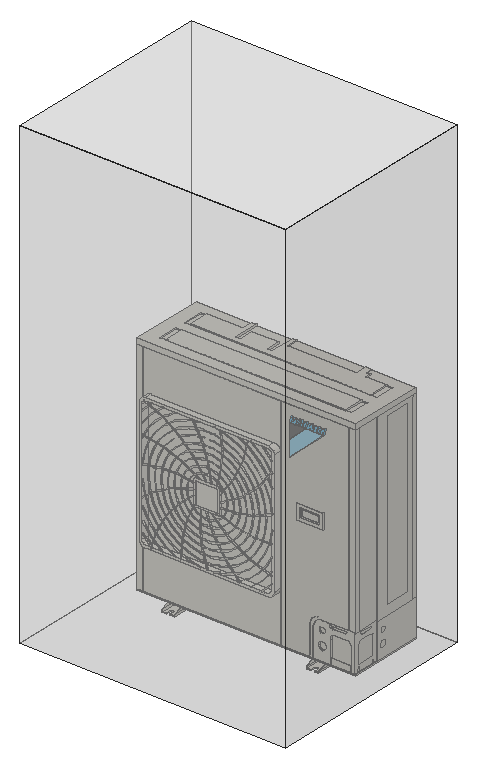
Revit family "outputfile", category 機械設備, Revit 2024
Family settings
  丸型コネクタ寸法 = 半径を使用
  種別 = なし
  パーツ タイプ = 標準
  OmniClass 番号 = 23.75.10.24.21.27.27
  OmniClass タイトル = Split System Air Conditioning Units
  作業面ベース = いいえ
  常に垂直 = はい
  ロード時にボイドで切り取り = いいえ
  注釈の向きを維持 = いいえ
  共有 = いいえ
  部屋計算ポイント = いいえ
Parameters (values of type "RZFG125AY14")
  Description = ""
  書き出し IFC クラス(タイプ) = "IfcUnitaryEquipmentType"
  定義済み IFC タイプ(タイプ) = "AIRCONDITIONINGUNIT"
  Cost = 0
  Type Comments = ""
  Keynote = ""
  Type Image = (empty or 0)
  Assembly Code = ""
  switch_unit1_140 = yes
  switch_frequency = yes
  lw_logo = 280.0 mm  # constant formula
  製造元 = "Daikin"
  モデル = "RZFG125AY14"
  lh_logo = 900.0 mm  # constant formula
  h_mountinghole = [h_***] + 1.6 mm  # 1.6 mm
  connector_voltage = Voltage_50Hz  # 400 V
  connector_powerinput = [Power Input (Cooling)]  # 4.220 kW
  connector_phase = Phase_50Hz  # 3
  angle_refrigetant2 [instance] = if(and(switch_unit1_140, Bottom Connection_refrigerant), 0.00°, if(and(switch_unit1_140, Front Connection_refrigerant), 0.00°, if(and(switch_unit1_140, Rear Connection_refrigerant), 180.00°, 90.00°)))  # 0.00°
  angle_refrigetant1 [instance] = if(and(switch_unit1_140, Bottom Connection_refrigerant), 0.00°, 90.00°)  # 90.00°
  angle_powersupply [instance] = if(and(switch_unit1_140, Rear Connection_powersupply), 180.00°, if(and(switch_unit1_140, Right Connection_powersupply), 90.00°, 0.00°))  # 0.00°
  r_Liquid Pipe Size = Liquid Pipe Size_Unit 1 / 2  # 4.75 mm
  r_Gas Pipe Size = Gas Pipe Size_Unit 1 / 2  # 7.95 mm
  l_powersupply [instance] = if(and(switch_unit1_140, Rear Connection_powersupply), 175.0 mm, if(and(switch_unit1_140, Front Connection_powersupply), 145.0 mm, 142.0 mm))  # 145.0 mm
  l_liquidpipe [instance] = if(and(switch_unit1_140, Front Connection_refrigerant), 37.0 mm, if(and(switch_unit1_140, Rear Connection_refrigerant), 283.0 mm, if(and(switch_unit1_140, Bottom Connection_refrigerant), 316.0 mm, 91.0 mm)))  # 37.0 mm
  l_gaspipe [instance] = if(and(switch_unit1_140, Bottom Connection_refrigerant), 315.0 mm, if(and(switch_unit1_140, Side Connection_refrigerant), 38.0 mm, if(and(switch_unit1_140, Front Connection_refrigerant), 55.0 mm, 265.0 mm)))  # 55.0 mm
  Voltage_comment_50Hz = "380 - 415"
  Voltage_50Hz = 400 V
  URL = ""
  Sound Power Level (dB) = 0
  Side Connection_refrigerant [instance] = no
  Right Connection_powersupply [instance] = no
  Rear Connection_refrigerant [instance] = no
  Rear Connection_powersupply [instance] = no
  Phase_50Hz = 3
  Minimum Circuit Amps_50Hz = 13.4 A
  Maximum Fuse Amps_50Hz = 16.0 A
  Material_Heat Exchanger = DAIKIN_Blue_HE_outdoorunit
  Material_Casing = DAIKIN_IvoryWhite_Casing_outdoorunit
  lw_powersupply [instance] = if(and(switch_unit1_140, Rear Connection_powersupply), 418.0 mm, if(and(switch_unit1_140, Front Connection_powersupply), 328.0 mm, 328.0 mm))  # 328.0 mm
  lw_liquidpipe [instance] = if(and(switch_unit1_140, or(Rear Connection_refrigerant, Bottom Connection_refrigerant)), 408.0 mm, 379.0 mm)  # 379.0 mm
  lw_gaspipe [instance] = 432.0 mm  # constant formula
  lh_powersupply [instance] = if(and(switch_unit1_140, Rear Connection_powersupply), [h_***] + 223.0 mm, if(and(switch_unit1_140, Right Connection_powersupply), [h_***] + 84.0 mm, 89.0 mm))  # 89.0 mm
  lh_liquidpipe [instance] = if(and(switch_unit1_140, Bottom Connection_refrigerant), [h_***] + 340.0 mm, [h_***] + 90.0 mm)  # 90.0 mm
  lh_gaspipe [instance] = if(and(switch_unit1_140, Bottom Connection_refrigerant), [h_***] + 339.0 mm, [h_***] + 90.0 mm)  # 90.0 mm
  ld_powersupply [instance] = 145.0 mm  # constant formula
  ld_liquidpipe [instance] = 37.0 mm  # constant formula
  ld_gaspipe [instance] = 55.0 mm  # constant formula
  h_*** = 0.0 mm  # constant formula
  Width = 940.0 mm
  Version = "ver.1.0"
  Unit Type = "R32 Cooling Only Inverter"
  Unit Mass Weight = 62.00 kg
  Unit Designation [instance] = ""
  Uniclass2015Version = "Products v1.30"
  Uniclass2015Title = "Split coil room air conditioning units"
  Uniclass2015Code = "Pr_70_65_03_86"
  Total Cooling Capacity [instance] = 0.000 kW
  Sound Pressure Level (dBA) = 54
  Series = "SkyAir_Condensing Unit"
  Refrigerant_Base Charge = 1.350 kg
  Refrigerant_Additional Charge [instance] = 0.000 kg
  Refrigerant Type = "R32"
  Power Input (Cooling) = 4.220 kW
  Option Accessory 3 [instance] = ""
  Option Accessory 2 [instance] = ""
  Option Accessory 1 [instance] = ""
  Nominal Cooling Capacity = 12.310 kW
  Nominal Airflow = 4901.67 m³/h
  Load Classification = HVAC
  Liquid Pipe Size_Unit 1 = 9.5 mm
  Link_Nested Family [instance] = ""
  IfcVersion = ""
  IfcExportType = "AIRCONDITIONINGUNIT"
  IfcExportAs = "IfcUnitaryEquipmentType"
  Height = 990.0 mm
  Heat Exchanger Type = "Micro Channel"
  Gas Pipe Size_Unit 1 = 15.9 mm
  Front Connection_refrigerant [instance] = yes
  Front Connection_powersupply [instance] = yes
  Frequency_50Hz = 50 Hz
  Fan Type = "Propeller Fan"
  Fan Drive = "Direct Drive"
  Depth = 320.0 mm
  既定の高さ = 0.0 mm
  Cooling Ambient Wet Bulb Temperature [instance] = 0.00 °C
  Cooling Ambient Dry Bulb Temperature [instance] = 0.00 °C
  Compressor Type = "Hermetically Sealed Swing Type"
  Clearance visibility [instance] = yes
  Clearance Top = 1000.0 mm
  Clearance Right = 100.0 mm
  Clearance Rear = 100.0 mm
  Clearance Left = 100.0 mm
  Clearance Front = 500.0 mm
  Clearance Bottom = 0.0 mm
  CU Tag No. [instance] = ""
  Bottom Connection_refrigerant [instance] = no
Reference planes
  plane 1 "Center (Front/Back)": y = 0
  plane 2 "h_***": z = 0
  plane 3 "Center (Left/Right)": x = 0
  plane 4 "Back": y = 160
  plane 5 "Front": y = -160
  plane 6 "Left": x = -470
  plane 7 "Right": x = 470
  plane 8 "Top": z = 990
  plane 9 "Clearance Rear": y = 260
  plane 10 "Clearance Front": y = -660
  plane 11 "Clearance Left": x = -570
  plane 12 "Clearance Right": x = 570
  plane 13 "Clearance Top": z = 1990
  plane 14 "Clearance Bottom": z = 0
  plane 15 "Bottom": z = 0
  plane 16 "lw_powersupply": x = 328
  plane 17 "ld_powersupply": y = -15
  plane 18 "lw_liquidpipe": x = 379
  plane 19 "Rear Connection_refrigetant": y = -123
  plane 20 "Front Connection_refrigetant/Rear Connection_refrigetant/Bottom Connection_refrigetant/Right Connection_refrigetant": x = 432
  plane 21 "ld_gaspipe": y = -105
  plane 22 "lh_logo": z = 900
  plane 23 "lw_logo": x = 190
Dimensions and locks
  equal spacing: plane 4 "Back", plane 1 "Center (Front/Back)", plane 5 "Front"
  "Depth": plane 4 "Back" to plane 5 "Front"
  equal spacing: plane 6 "Left", plane 3 "Center (Left/Right)", plane 7 "Right"
  "Width": plane 6 "Left" to plane 7 "Right"
  "Clearance Rear": plane 9 "Clearance Rear" to plane 4 "Back"
  "Clearance Front": plane 10 "Clearance Front" to plane 5 "Front"
  "Clearance Left": plane 11 "Clearance Left" to plane 6 "Left"
  "Clearance Right": plane 7 "Right" to plane 12 "Clearance Right"
  "Clearance Top": plane 13 "Clearance Top" to plane 8 "Top"
  "h_***": plane 15 "Bottom" to plane 2 "h_***"
  "Height": plane 8 "Top" to plane 15 "Bottom"
  "Clearance Bottom": plane 15 "Bottom" to plane 14 "Clearance Bottom"
  "lw_powersupply": plane 3 "Center (Left/Right)" to plane 16 "lw_powersupply"
  "ld_powersupply": plane 17 "ld_powersupply" to plane 5 "Front"
  "lw_liquidpipe": plane 3 "Center (Left/Right)" to plane 18 "lw_liquidpipe"
  "ld_liquidpipe": plane 19 "Rear Connection_refrigetant" to plane 5 "Front"
  "lw_gaspipe": plane 3 "Center (Left/Right)" to plane 20 "Front Connection_refrigetant/Rear Connection_refrigetant/Bottom Connection_refrigetant/Right Connection_refrigetant"
  "ld_gaspipe": plane 21 "ld_gaspipe" to plane 5 "Front"
  "lw_logo": plane 23 "lw_logo" to plane 7 "Right"
  "lh_logo": plane 22 "lh_logo" to plane 15 "Bottom"
  aligned and locked: level to plane 2 "h_***"
  aligned and locked: plane 9 "Clearance Rear" to nested 1
  aligned and locked: nested 1 to plane 10 "Clearance Front"
  aligned and locked: plane 11 "Clearance Left" to nested 1
  aligned and locked: plane 12 "Clearance Right" to nested 1
  aligned and locked: plane 13 "Clearance Top" to nested 1
  aligned and locked: plane 14 "Clearance Bottom" to nested 1
  aligned and locked: nested 4 to plane 22 "lh_logo"
  aligned and locked: plane 3 "Center (Left/Right)" to nested 5
  aligned and locked: plane 1 "Center (Front/Back)" to nested 5
  aligned and locked: plane 15 "Bottom" to nested 5
  aligned and locked: plane 18 "lw_liquidpipe" to nested 2
  aligned and locked: nested 2 to plane 19 "Rear Connection_refrigetant"
  aligned and locked: nested 3 to plane 21 "ld_gaspipe"
  aligned and locked: plane 20 "Front Connection_refrigetant/Rear Connection_refrigetant/Bottom Connection_refrigetant/Right Connection_refrigetant" to nested 3
  aligned and locked: nested 4 to plane 23 "lw_logo"
  aligned and locked: plane 5 "Front" to nested 4
  aligned and locked: plane 16 "lw_powersupply" to nested 10
  aligned and locked: nested 10 to plane 17 "ld_powersupply"
Nested families
  nested 1: "daikin_clearancespace" at (0, -200, 995.119), visible <- "Clearance visibility", show <- "Clearance visibility", Link_Nested Family <- "Link_Nested Family", type "daikin_clearancespace"
    with width 1140.0 mm, show yes, height 1990.0 mm, depth 920.0 mm, Link_Nested Family ""
  nested 2: "daikin_connector_rotate3" at (379, -123, 90), angle_vertical <- "angle_refrigetant1", angle_horizontal <- "angle_refrigetant2", length <- "l_liquidpipe", built-in parameter 1001364 <- "lh_liquidpipe", radius <- "r_Liquid Pipe Size", type "daikin_connector_rotate3"
    with show no, radius 4.75 mm, length 37.0 mm, angle_vertical 90.00°, angle_horizontal 0.00°
  nested 3: "daikin_connector_rotate3" at (432, -105, 90), radius <- "r_Gas Pipe Size", angle_vertical <- "angle_refrigetant1", angle_horizontal <- "angle_refrigetant2", built-in parameter 1001364 <- "lh_gaspipe", length <- "l_gaspipe", type "daikin_connector_rotate3"
    with show no, radius 7.95 mm, length 55.0 mm, angle_vertical 90.00°, angle_horizontal 0.00°
  nested 4: "daikin_logo_elevation_w150" at (280, -160, 744.568), type "daikin_logo_elevation_w150"
    with show_logo yes
  nested 5: "DAIKIN_outdoorunit_RZFG-AY14" at (-51, 0, 0), Link_Nest <- "Link_Nested Family", h_mountinghole <- "h_mountinghole", h_*** <- "h_***", material <- "Material_Casing", type "RZFG-AY14"
    with show_fixedhole yes, material DAIKIN_IvoryWhite_Casing_outdoorunit, h_mountinghole 1.6 mm, h_antenna_mountinghole 989.4 mm, h_*** 0.0 mm, Width 940.0 mm, Link_Nest ""
  nested 6: "daikin_mountinghole" at (-310, 175, 0), type "daikin_mountinghole"
    with show yes, l_antenna 989.4 mm, h_mountinghole 1.6 mm, Link_Nested Family ""
  nested 7: "daikin_mountinghole" at (310, 175, 0), type "daikin_mountinghole"
    with show yes, l_antenna 989.4 mm, h_mountinghole 1.6 mm, Link_Nested Family ""
  nested 8: "daikin_mountinghole" at (310, -175, 0), type "daikin_mountinghole"
    with show yes, l_antenna 989.4 mm, h_mountinghole 1.6 mm, Link_Nested Family ""
  nested 9: "daikin_mountinghole" at (-310, -175, 0), type "daikin_mountinghole"
    with show yes, l_antenna 989.4 mm, h_mountinghole 1.6 mm, Link_Nested Family ""
  nested 10: "daikin_connector_rotate3" at (328, -15, 89), built-in parameter 1001364 <- "lh_powersupply", angle_horizontal <- "angle_powersupply", length <- "l_powersupply", type "daikin_connector_rotate3"
    with show no, radius 10.0 mm, length 145.0 mm, angle_vertical 90.00°, angle_horizontal 0.00°
Connectors
  piping at (379, -160, 90), diameter 9.5, driven by "r_Liquid Pipe Size"
    settings: on nested 2, index 8, connector inside diameter 609.6 mm, connector length 0.0 mm, flow factor 0, pipe flow 0.00 m³/h, pressure drop 0.0 Pa, fitting loss kfactor 0, connector angle 0.00°, fixture units 0, engagement length 0.0 mm, angle of deflection 0.00°, flow configuration 0, flow direction 2, fitting loss method 0, system type 29, joint type 0, gender type 0, connector reference index -1, connector utility 0, adjustable connector no, is connector primary no, connector description "Refrigerant Liquid Piping"
  piping at (432, -160, 90), diameter 15.9, driven by "r_Gas Pipe Size"
    settings: on nested 3, index 9, connector inside diameter 609.6 mm, connector length 0.0 mm, flow factor 0, pipe flow 0.00 m³/h, pressure drop 0.0 Pa, fitting loss kfactor 0, connector angle 0.00°, fixture units 0, engagement length 0.0 mm, angle of deflection 0.00°, flow configuration 0, flow direction 1, fitting loss method 0, system type 29, joint type 0, gender type 0, connector reference index -1, connector utility 0, adjustable connector no, is connector primary yes, connector description "Refrigerant Gas Piping"
  electrical at (328, -160, 89), driven by "Load Classification", driven by "connector_voltage", driven by "connector_powerinput", driven by "connector_phase"
    settings: on nested 10, index 10, voltage 400 V, apparent load 4220 VA, apparent load phase1 0 VA, apparent load phase2 0 VA, apparent load phase3 0 VA, power factor 1, load classification "HVAC", number of poles 3, system type 30, power factor state 1, is connector primary yes, connector utility no, sub classification motor no, connector description "Power Supply"
Definition of nested family "daikin_clearancespace"
  Parameters (values of type "daikin_clearancespace")
    Description = "daikin_clearancespace"
    width [instance] = 1823.963 mm
    show [instance] = yes
    material = none
    height [instance] = 1359.762 mm
    depth [instance] = 880.0 mm
    Default Elevation = 0.0 mm
    Link_Nested Family [instance] = ""
  Reference planes
    plane 1 "Center (Front/Back)": y = 0
    plane 2 "Center (Elevation)": z = -0.119
    plane 3 "Center (Left/Right)": x = 0
    plane 4: y = 440
    plane 5: y = -440
    plane 6 "Right": x = 911.982
    plane 7 "Left": x = -911.982
    plane 8 "Top": z = 679.762
    plane 9 "Bottom": z = -680
  Forms (mm)
    Extrusion 1, solid, material <- "material", visible <- "show"
      sketch origin (0, 0, 0) x (1, 0, 0) y (0, 1, 0)
        loop
          line (-911.982, 440) -> (-911.982, -440) -> (911.982, -440) -> (911.982, 440) -> (-911.982, 440)
      from -680 to 679.762
  Lines and regions (mm)
    symbolic lines, visible <- "show"
      curve 1: line (911.982, 440, 0) -> (-911.982, 440, 0)
      curve 2: line (-911.982, 440, 0) -> (-911.982, -440, 0)
      curve 3: line (-911.982, -440, 0) -> (911.982, -440, 0)
      curve 4: line (911.982, -440, 0) -> (911.982, 440, 0)
      curve 5: line (911.982, 0, 679.762) -> (-911.982, 0, 679.762)
      curve 6: line (911.982, 0, -680) -> (911.982, 0, 679.762)
      curve 7: line (-911.982, 0, -680) -> (911.982, 0, -680)
      curve 8: line (-911.982, 0, 679.762) -> (-911.982, 0, -680)
      curve 9: line (0, 440, 679.762) -> (0, -440, 679.762)
      curve 10: line (0, -440, 679.762) -> (0, -440, -680)
      curve 11: line (0, 440, -680) -> (0, 440, 679.762)
      curve 12: line (0, -440, -680) -> (0, 440, -680)
  Dimensions and locks
    "width": plane 7 "Left" to plane 6 "Right"
    "depth": plane 4 to plane 5
    "height": plane 8 "Top" to plane 9 "Bottom"
    equal spacing: plane 7 "Left", plane 3 "Center (Left/Right)", plane 6 "Right"
    equal spacing: plane 4, plane 1 "Center (Front/Back)", plane 5
    equal spacing: plane 8 "Top", plane 2 "Center (Elevation)", plane 9 "Bottom"
    aligned and locked: level to plane 2 "Center (Elevation)"
    aligned and locked: Extrusion 1 sketch curve to plane 4
    aligned and locked: plane 7 "Left" to Extrusion 1 sketch curve
    aligned and locked: Extrusion 1 sketch curve to plane 5
    aligned and locked: Extrusion 1 sketch curve to plane 6 "Right"
    aligned and locked: plane 8 "Top" to Extrusion 1
    aligned and locked: curve 1 to Extrusion 1
    aligned and locked: curve 2 to Extrusion 1
    aligned and locked: curve 3 to Extrusion 1
    aligned and locked: curve 4 to Extrusion 1
    aligned and locked: curve 5 to Extrusion 1
    aligned and locked: curve 6 to Extrusion 1
    aligned and locked: curve 7 to Extrusion 1
    aligned and locked: curve 8 to Extrusion 1
    aligned and locked: curve 9 to Extrusion 1
    aligned and locked: curve 10 to Extrusion 1
    aligned and locked: curve 11 to Extrusion 1
    aligned and locked: curve 12 to Extrusion 1
    aligned and locked: Extrusion 1 to plane 9 "Bottom"
Definition of nested family "daikin_logo_elevation_w150"
  Parameters (values of type "daikin_logo_elevation_w150")
    width = 150.0 mm
    show_logo [instance] = yes
    material = none
    height = 180.0 mm
    depth = 5.0 mm
    Default Elevation = 0.0 mm
  Reference planes
    plane 1 "Center (Front/Back)": y = 0
    plane 2: z = 0
    plane 3 "Center (Left/Right)": x = 0
    plane 4 "top": z = 180
    plane 5: z = 155.432
    plane 6 "left": x = -90
    plane 7 "right": x = 60
    plane 8: y = -5
  Forms (mm)
    Extrusion 1, solid, visible <- "show_logo"
      sketch origin (0, 0, 0) x (1, 0, 0) y (0, 0, 1)
        loop
          line (-90, 22.832) -> (54.211, 155.432) -> (-19.804, 155.432) -> (-90, 91.131) -> (-90, 22.832)
      from 0 to 5
    Extrusion 2, solid, visible <- "show_logo"
      sketch origin (0, 0, 0) x (1, 0, 0) y (0, 0, 1)
        loop
          line (-90, 155.432) -> (-90, 91.131) -> (-19.804, 155.432) -> (-90, 155.432)
      from 0 to 5
    Extrusion 3, solid, visible <- "show_logo"
      sketch origin (0, 0, 0) x (1, 0, 0) y (0, 0, 1)
        loop
          line (-73.294, 180) -> (-84.431, 180) -> (-90, 157.726) -> (-73.294, 157.726)
          arc (-73.294, 157.726) -> (-66.673, 159.069) -> (-61.582, 163.51) r 13.209
          arc (-61.582, 163.51) -> (-59.344, 169.288) -> (-60.109, 175.436) r 12.685
          arc (-60.109, 175.436) -> (-61.683, 177.678) -> (-64.031, 179.088) r 6.606
          arc (-64.031, 179.088) -> (-68.629, 179.878) -> (-73.294, 180) r 32.396
        loop
          line (-78.863, 162.18) -> (-74.408, 162.18)
          arc (-74.408, 162.18) -> (-70.986, 164.473) -> (-69.002, 168.082) r 8.708
          arc (-69.002, 168.082) -> (-68.734, 170.84) -> (-69.386, 173.533) r 8.337
          arc (-69.386, 173.533) -> (-70.358, 174.487) -> (-71.624, 174.988) r 3.442
          line (-71.624, 174.988) -> (-76.078, 174.988) -> (-78.863, 162.18)
        loop
          line (-61.043, 157.726) -> (-54.918, 157.726) -> (-52.829, 161.624) -> (-44.059, 161.624) -> (-43.223, 157.726) -> (-33.2, 157.726) -> (-37.655, 180) -> (-48.792, 180) -> (-61.043, 157.726)
        loop
          line (-50.145, 166.635) -> (-45.133, 166.635) -> (-46.565, 173.318) -> (-50.145, 166.635)
        loop
          line (-24.847, 180) -> (-30.416, 157.726) -> (-20.949, 157.726) -> (-15.38, 180) -> (-24.847, 180)
        loop
          line (-15.38, 157.726) -> (-5.914, 157.726) -> (-4.4, 163.779) -> (0.212, 157.726) -> (11.906, 157.726) -> (2.996, 169.42) -> (15.804, 180) -> (5.78, 180) -> (-1.94, 173.623) -> (-0.345, 180) -> (-9.812, 180) -> (-15.38, 157.726)
        loop
          line (20.259, 180) -> (14.133, 157.726) -> (24.157, 157.726) -> (29.725, 180) -> (20.259, 180)
        loop
          line (29.725, 157.726) -> (36.408, 157.726) -> (39.555, 170.315) -> (43.647, 157.726) -> (54.784, 157.726) -> (60.353, 180) -> (53.671, 180) -> (50.281, 166.442) -> (45.874, 180) -> (35.294, 180) -> (29.725, 157.726)
      from 0 to 5
  Dimensions and locks
    "height": plane 4 "top" to plane 2
    locked: plane 4 "top" to plane 5 at 24.568
    "width": plane 6 "left" to plane 7 "right"
    "depth": plane 8 to plane 1 "Center (Front/Back)"
    aligned and locked: level to plane 2
    aligned and locked: plane 4 "top" to Extrusion 3  (x8)
    aligned and locked: plane 5 to Extrusion 1
    aligned and locked: plane 5 to Extrusion 2
    aligned and locked: plane 6 "left" to Extrusion 2
    aligned and locked: plane 6 "left" to Extrusion 1
    aligned and locked: Extrusion 3 to plane 8
    aligned and locked: Extrusion 1 to plane 8
    aligned and locked: Extrusion 2 to plane 8
  Automatic sketch dimensions
    level to Extrusion 1 sketch curve = 22.832 mm
    Extrusion 1 sketch curve to Extrusion 1 sketch curve = 68.298 mm
    Extrusion 1 sketch curve to plane 4 "top" = 24.568 mm
    Extrusion 1 sketch curve to plane 3 "Center (Left/Right)" = 19.804 mm
    Extrusion 2 sketch curve to plane 4 "top" = 24.568 mm
    Extrusion 2 sketch curve to plane 3 "Center (Left/Right)" = 19.804 mm
    Extrusion 2 sketch curve to Extrusion 2 sketch curve = 64.302 mm
    Extrusion 3 sketch curve to plane 4 "top" = 0.0 mm  (x8)
    Extrusion 3 sketch curve to plane 4 "top" = 0.912 mm
    Extrusion 3 sketch curve to Extrusion 3 sketch curve = 2.154 mm
    Extrusion 3 sketch curve to Extrusion 3 sketch curve = 6.245 mm
    Extrusion 3 sketch curve to plane 4 "top" = 4.564 mm
    Extrusion 3 sketch curve to Extrusion 3 sketch curve = 5.748 mm
    Extrusion 3 sketch curve to Extrusion 3 sketch curve = 2.001 mm
    Extrusion 3 sketch curve to Extrusion 3 sketch curve = 4.603 mm
    Extrusion 3 sketch curve to Extrusion 3 sketch curve = 0.59 mm
    Extrusion 3 sketch curve to Extrusion 3 sketch curve = 0.07 mm
    Extrusion 3 sketch curve to Extrusion 3 sketch curve = 1.49 mm
    Extrusion 3 sketch curve to plane 4 "top" = 5.012 mm
    Extrusion 3 sketch curve to Extrusion 3 sketch curve = 3.556 mm
    Extrusion 3 sketch curve to Extrusion 3 sketch curve = 5.569 mm  (x3)
    Extrusion 3 sketch curve to Extrusion 3 sketch curve = 0.309 mm
    Extrusion 3 sketch curve to Extrusion 3 sketch curve = 4.455 mm  (x4)
    Extrusion 3 sketch curve to Extrusion 3 sketch curve = 0.288 mm
    Extrusion 3 sketch curve to Extrusion 3 sketch curve = 0.689 mm
    Extrusion 3 sketch curve to Extrusion 3 sketch curve = 2.238 mm
    Extrusion 3 sketch curve to Extrusion 3 sketch curve = 4.528 mm
    Extrusion 3 sketch curve to Extrusion 3 sketch curve = 0.658 mm
    Extrusion 3 sketch curve to Extrusion 3 sketch curve = 2.931 mm
    Extrusion 3 sketch curve to Extrusion 3 sketch curve = 0.357 mm
    Extrusion 3 sketch curve to Extrusion 3 sketch curve = 0.101 mm
    Extrusion 3 sketch curve to Extrusion 3 sketch curve = 11.317 mm
    Extrusion 3 sketch curve to Extrusion 3 sketch curve = 0.539 mm
    Extrusion 3 sketch curve to Extrusion 3 sketch curve = 11.137 mm  (x2)
    Extrusion 3 sketch curve to Extrusion 3 sketch curve = 5.784 mm
    Extrusion 3 sketch curve to Extrusion 3 sketch curve = 10.024 mm  (x3)
    Extrusion 3 sketch curve to Extrusion 3 sketch curve = 0.835 mm
    Extrusion 3 sketch curve to Extrusion 3 sketch curve = 8.771 mm
    Extrusion 3 sketch curve to Extrusion 3 sketch curve = 2.088 mm
    Extrusion 3 sketch curve to Extrusion 3 sketch curve = 3.898 mm
    Extrusion 3 sketch curve to plane 4 "top" = 6.682 mm
    Extrusion 3 sketch curve to Extrusion 3 sketch curve = 2.227 mm  (x2)
    Extrusion 3 sketch curve to Extrusion 3 sketch curve = 2.685 mm
    Extrusion 3 sketch curve to plane 4 "top" = 13.365 mm
    Extrusion 3 sketch curve to Extrusion 3 sketch curve = 5.012 mm
    Extrusion 3 sketch curve to Extrusion 3 sketch curve = 12.808 mm
    Extrusion 3 sketch curve to Extrusion 3 sketch curve = 2.784 mm
    Extrusion 3 sketch curve to Extrusion 3 sketch curve = 9.467 mm  (x4)
    Extrusion 3 sketch curve to Extrusion 3 sketch curve = 0.0 mm  (x5)
    Extrusion 3 sketch curve to Extrusion 3 sketch curve = 5.568 mm  (x2)
    Extrusion 3 sketch curve to plane 3 "Center (Left/Right)" = 0.345 mm
    Extrusion 3 sketch curve to plane 3 "Center (Left/Right)" = 1.94 mm
    Extrusion 3 sketch curve to plane 4 "top" = 6.377 mm
    plane 3 "Center (Left/Right)" to Extrusion 3 sketch curve = 5.78 mm
    plane 3 "Center (Left/Right)" to Extrusion 3 sketch curve = 2.996 mm
    Extrusion 3 sketch curve to Extrusion 3 sketch curve = 4.203 mm
    plane 3 "Center (Left/Right)" to Extrusion 3 sketch curve = 11.906 mm
    Extrusion 3 sketch curve to Extrusion 3 sketch curve = 11.694 mm
    plane 3 "Center (Left/Right)" to Extrusion 3 sketch curve = 0.212 mm
    Extrusion 3 sketch curve to plane 3 "Center (Left/Right)" = 4.4 mm
    Extrusion 3 sketch curve to Extrusion 3 sketch curve = 6.053 mm
    Extrusion 3 sketch curve to plane 3 "Center (Left/Right)" = 5.914 mm
    Extrusion 3 sketch curve to Extrusion 3 sketch curve = 10.581 mm
    Extrusion 3 sketch curve to plane 4 "top" = 13.558 mm
    Extrusion 3 sketch curve to Extrusion 3 sketch curve = 4.406 mm
    Extrusion 3 sketch curve to Extrusion 3 sketch curve = 7.796 mm
    Extrusion 3 sketch curve to Extrusion 3 sketch curve = 6.682 mm  (x2)
    Extrusion 3 sketch curve to Extrusion 3 sketch curve = 4.503 mm
    Extrusion 3 sketch curve to Extrusion 3 sketch curve = 8.716 mm
    Extrusion 3 sketch curve to Extrusion 3 sketch curve = 6.634 mm
    Extrusion 3 sketch curve to plane 4 "top" = 9.685 mm
    Extrusion 3 sketch curve to Extrusion 3 sketch curve = 4.261 mm
    Extrusion 3 sketch curve to Extrusion 3 sketch curve = 1.67 mm
    Extrusion 3 sketch curve to Extrusion 3 sketch curve = 8.353 mm
    Extrusion 1 sketch curve to plane 3 "Center (Left/Right)" = 90.0 mm
    Extrusion 2 sketch curve to Extrusion 2 sketch curve = 70.196 mm
    plane 3 "Center (Left/Right)" to Extrusion 1 sketch curve = 54.211 mm
Definition of nested family "DAIKIN_outdoorunit_RZFG-AY14"
  Parameters (values of type "RZFC-AXVM")
    w1 = 612.0 mm  # constant formula
    switch_unit1_140 = yes
    show_fixedhole [instance] = yes
    material_heatexchanger = none
    material_casing = none
    material [instance] = none
    ld_hole1_bottom = 154.0 mm  # constant formula
    h_mountinghole [instance] = 4.0 mm
    h_antenna_mountinghole [instance] = 989.4 mm  # constant formula
    h_*** [instance] = 0.0 mm
    h1 = 23.0 mm  # constant formula
    f = 22.0 mm  # constant formula
    e = 160.0 mm  # constant formula
    d = 160.0 mm  # constant formula
    c = 15.0 mm  # constant formula
    b = 28.0 mm  # constant formula
    lw_Unit = 326.0 mm  # constant formula
    Width [instance] = 940.0 mm  # constant formula
    Link_Nest [instance] = ""
    L1 = 118.0 mm  # constant formula
    Height = 990.0 mm  # constant formula
    Depth = 320.0 mm  # constant formula
    Default Elevation = 0.0 mm
    lh_Unit = 507.0 mm  # constant formula
  Reference planes
    plane 1 "Center (Front/Back)": y = 0
    plane 2 "reference_level": z = 0
    plane 3 "Center (Left/Right)": x = 51
    plane 4 "Back": y = 190
    plane 5 "Front": y = -190
    plane 6 "Bottom": z = 0
    plane 7: x = 521
    plane 8: x = -419
    plane 9: y = 160
    plane 10: y = -160
    plane 11: z = 990
    plane 12: y = 175
    plane 13: y = -175
    plane 14 "fixedhole": x = 361
    plane 15: z = 968
    plane 16: y = -145
    plane 17: y = 145
    plane 18: x = -404
    plane 19: x = 506
    plane 20: z = 958
    plane 21: x = -259
    plane 22: z = 28
    plane 23: z = 24
    plane 24 "lw_Unit": x = -93
    plane 25: z = 507
    plane 26 "unit1_1": x = -93
    plane 27: y = 28.5
    plane 28: z = 51
    plane 29: z = 61
    plane 30 "lw_array_wiremesh": x = -261.5
    plane 31 "lh_array_wiremesh": z = 920.5
    plane 32 "L3": z = 51
    plane 33 "L1": x = -301
    plane 34 "L2": x = 311
    plane 35: z = 27
  Forms (mm)
    Extrusion 1, solid, material <- "material_heatexchanger"
      sketch origin (0, 0, 0) x (1, 0, 0) y (0, 1, 0)
        loop
          line (-404, 145) -> (-404, -145) -> (506, -145) -> (506, 145) -> (-404, 145)
      from 28 to 968
    Extrusion 2, solid, material <- "material_casing"
      sketch origin (0, 0, 0) x (1, 0, 0) y (0, 1, 0)
        loop
          line (-301, 160) -> (-301, 145) -> (311, 145) -> (311, 160) -> (-301, 160)
      from 28 to 51
    Extrusion 3, solid, material <- "material_casing"
      sketch origin (0, 0, 0) x (1, 0, 0) y (0, 1, 0)
        loop
          line (-419, 160) -> (-419, -160) -> (521, -160) -> (521, 160) -> (-419, 160)
      from 24 to 28
    Extrusion 4, void
      sketch origin (0, 0, 0) x (1, 0, 0) y (0, 1, 0)
        loop
          line (505, -144) -> (505, -86) -> (434, -86) -> (434, -144) -> (505, -144)
      from 24 to 27
  Cuts and joins
    Extrusion 4 cuts Extrusion 1
    Extrusion 4 cuts Extrusion 3
  Dimensions and locks
    locked: plane 4 "Back" to plane 9 at 30
    plane 10 to plane 5 "Front" = 30.0 mm
    "e": plane 14 "fixedhole" to plane 7
    equal spacing: plane 8, plane 3 "Center (Left/Right)", plane 7
    "Width": plane 8 to plane 7
    "f": plane 11 to plane 15
    "Depth": plane 10 to plane 9
    equal spacing: plane 9, plane 1 "Center (Front/Back)", plane 10
    locked: plane 17 to plane 9 at 15
    locked: plane 16 to plane 10 at 15
    locked: plane 8 to plane 18 at 15
    locked: plane 19 to plane 7 at 15
    locked: plane 15 to plane 20 at 10
    "c": plane 12 to plane 9
    "d": plane 8 to plane 21
    "c": plane 10 to plane 13
    locked: plane 10 to plane 5 "Front" at 30
    "h_***": plane 6 "Bottom" to plane 2 "reference_level"
    "b": plane 22 to plane 6 "Bottom"
    "Height": plane 11 to plane 6 "Bottom"
    locked: plane 22 to plane 23 at 4
    "lw_Unit": plane 24 "lw_Unit" to plane 8
    "lh_Unit": plane 25 to plane 6 "Bottom"
    locked: plane 27 to plane 9 at 131.5
    locked: plane 28 to plane 22 at 23
    locked: plane 28 to plane 29 at 10
    locked: plane 11 to plane 31 "lh_array_wiremesh" at 69.5
    locked: plane 8 to plane 30 "lw_array_wiremesh" at 157.5
    "L1": plane 8 to plane 33 "L1"
    "w1": plane 33 "L1" to plane 34 "L2"
    "h1": plane 32 "L3" to plane 22
    plane 16 to Extrusion 4 sketch curve to Extrusion 4 sketch curve = 1.0 mm locked, 58.0 mm locked
    Extrusion 4 sketch curve to Extrusion 4 sketch curve to plane 19 = 71.0 mm locked, 1.0 mm locked
    locked: plane 35 to plane 23 at 3
    aligned and locked: level to plane 2 "reference_level"
    aligned and locked: plane 17 to nested 2
    aligned and locked: plane 19 to nested 1
    aligned and locked: plane 21 to nested 3
    aligned and locked: nested 3 to plane 12
    aligned and locked: nested 4 to plane 12
    aligned and locked: plane 14 "fixedhole" to nested 4
    aligned and locked: nested 5 to plane 13
    aligned and locked: plane 14 "fixedhole" to nested 5
    aligned and locked: nested 2 to plane 8
    aligned and locked: plane 7 to nested 6
    aligned and locked: plane 10 to nested 6
    aligned and locked: plane 24 "lw_Unit" to plane 26 "unit1_1"
    aligned and locked: plane 22 to nested 2
    aligned and locked: plane 16 to nested 7
    aligned and locked: nested 7 to plane 22
    aligned and locked: nested 1 to plane 17
    aligned and locked: plane 18 to Extrusion 1 sketch curve
    aligned and locked: plane 17 to Extrusion 1 sketch curve
    aligned and locked: plane 16 to Extrusion 1 sketch curve
    aligned and locked: plane 15 to Extrusion 1
    aligned and locked: nested 8 to plane 7
    aligned and locked: plane 9 to nested 8
    aligned and locked: plane 22 to nested 8
    aligned and locked: plane 22 to nested 1
    aligned and locked: plane 10 to nested 9
    aligned and locked: plane 8 to nested 9
    aligned and locked: nested 9 to plane 11
    aligned and locked: nested 10 to plane 13
    aligned and locked: plane 21 to nested 10
    aligned and locked: nested 11 to plane 21
    aligned and locked: nested 12 to plane 1 "Center (Front/Back)"
    aligned and locked: nested 11 to plane 1 "Center (Front/Back)"
    aligned and locked: plane 6 "Bottom" to nested 11
    aligned and locked: plane 6 "Bottom" to nested 12
    aligned and locked: nested 12 to plane 14 "fixedhole"
    aligned and locked: plane 19 to Extrusion 1 sketch curve
    aligned and locked: plane 22 to nested 6
    aligned and locked: plane 7 to nested 7
    aligned and locked: Extrusion 1 to plane 19
    aligned and locked: nested 13 to plane 10
    aligned and locked: plane 24 "lw_Unit" to nested 13
    aligned and locked: plane 25 to nested 13
    aligned and locked: plane 8 to nested 14
    aligned and locked: nested 14 to plane 22
    aligned and locked: plane 32 "L3" to Extrusion 2
    aligned and locked: Extrusion 2 to plane 22
    aligned and locked: Extrusion 2 to plane 34 "L2"
    aligned and locked: plane 33 "L1" to Extrusion 2
    aligned and locked: plane 22 to Extrusion 3
    aligned and locked: Extrusion 3 to plane 23
    aligned and locked: Extrusion 1 to nested 1
    aligned and locked: nested 14 to plane 16
    aligned and locked: Extrusion 4 to plane 23
    aligned and locked: plane 35 to Extrusion 4
    aligned and locked: cut or joined group of Extrusion 3, Extrusion 4 to plane 10
    aligned and locked: cut or joined group of Extrusion 3, Extrusion 4 to plane 9
    aligned and locked: cut or joined group of Extrusion 3, Extrusion 4 to plane 8
    aligned and locked: plane 7 to Extrusion 3
    aligned and locked: plane 22 to nested 15
    aligned and locked: nested 15 to plane 8
    aligned and locked: nested 15 to plane 10
  Automatic sketch dimensions
    plane 17 to Extrusion 2 sketch curve = 0.0 mm
    plane 9 to Extrusion 2 sketch curve = 0.0 mm
    Extrusion 2 sketch curve to plane 21 = 42.0 mm
    Extrusion 2 sketch curve to plane 14 "fixedhole" = 50.0 mm
    Extrusion 3 sketch curve to plane 8 = 0.0 mm
    plane 7 to Extrusion 3 sketch curve = 0.0 mm
    Extrusion 3 sketch curve to plane 10 = 0.0 mm
    Extrusion 3 sketch curve to plane 9 = 0.0 mm
  Nested families
    nested 1: "outdoorunit_rightpanel1" at (513.5, -145, 28) x (0, 1, 0) z (0, 0, 1), material <- "material_casing", type "frontpanel1"
      with material none
    nested 2: "outdoorunit_backpanel2" at (-301, 152.5, 28) x (-1, 0, 0) z (0, 0, 1), material <- "material_casing", type "frontpanel2"
      with material none
    nested 3: "daikin_mountinghole" at (-259, 175, 0), visible <- "show_fixedhole", Link_Nested Family <- "Link_Nest", l_antenna <- "h_antenna_mountinghole", h_mountinghole <- "h_mountinghole", type "daikin_mountinghole"
      with show yes, l_antenna 989.4 mm, h_mountinghole 4.0 mm, Link_Nested Family ""
    nested 4: "daikin_mountinghole" at (361, 175, 0), visible <- "show_fixedhole", Link_Nested Family <- "Link_Nest", l_antenna <- "h_antenna_mountinghole", h_mountinghole <- "h_mountinghole", type "daikin_mountinghole"
      with show yes, l_antenna 989.4 mm, h_mountinghole 4.0 mm, Link_Nested Family ""
    nested 5: "daikin_mountinghole" at (361, -175, 0), visible <- "show_fixedhole", Link_Nested Family <- "Link_Nest", l_antenna <- "h_antenna_mountinghole", h_mountinghole <- "h_mountinghole", type "daikin_mountinghole"
      with show yes, l_antenna 989.4 mm, h_mountinghole 4.0 mm, Link_Nested Family ""
    nested 6: "outdoorunit_rightpanel2" at (201, -152.5, 28), material <- "material_casing", type "frontpanel2"
      with material none
    nested 7: "outdoorunit_frontpanel2" at (201, -152.5, 28), material <- "material_casing", type "frontpanel2"
      with material none
    nested 8: "outdoorunit_backpanel3" at (521, 152.5, 28) x (-1, 0, 0) z (0, 0, 1), material <- "material_casing", type "frontpanel3"
      with material none
    nested 9: "outdoorunit_uppanel1" at (-324, -140, 970.75) x (1, 0, 0) z (0, 1, 0), material <- "material_casing", type "frontpanel1"
      with material none
    nested 10: "daikin_mountinghole" at (-259, -175, 0), visible <- "show_fixedhole", Link_Nested Family <- "Link_Nest", l_antenna <- "h_antenna_mountinghole", h_mountinghole <- "h_mountinghole", type "daikin_mountinghole"
      with show yes, l_antenna 989.4 mm, h_mountinghole 4.0 mm, Link_Nested Family ""
    nested 11: "outdoorunit_3" at (-259, 0, 0) x (-1, 0, 0) z (0, 0, 1), material <- "material_casing", type "frontpanel2"
      with material none, switch_unit1 yes
    nested 12: "outdoorunit_3" at (361, 0, 0) x (-1, 0, 0) z (0, 0, 1), material <- "material_casing", type "frontpanel2"
      with material none, switch_unit1 yes
    nested 13: "outdoorunit_front1" at (-93, -160, 507), material <- "material_casing", type "front1"
      with material none
    nested 14: "outdoorunit_leftpanel" at (-411.5, 125, 28) x (0, -1, 0) z (0, 0, 1), material <- "material_casing", type "frontpanel"
      with material none
    nested 15: "outdoorunit_frontpanel3" at (-109, -145, 28), material <- "material_casing", type "frontpanel1"
      with material none
  Definition of nested family "outdoorunit_rightpanel1"
    Parameters (values of type "frontpanel1")
      width = 290.0 mm
      switch_unit1_140 = yes
      material [instance] = none
      height1 = 940.0 mm
      depth = 15.0 mm
      a = 153.0 mm
      Default Elevation = 0.0 mm
    Reference planes
      plane 1 "Center (Front/Back)": y = 0
      plane 2 "Bottom": z = 0
      plane 3: x = 0
      plane 4 "Back": y = 7.5
      plane 5 "Front": y = -7.5
      plane 6: x = 290
      plane 7 "Top": z = 940
      plane 8 "Left": x = 0
      plane 9: y = -5.75
      plane 10: y = -1.5
      plane 11: y = -10.5
      plane 12 "Center L/S": z = 153
      plane 13: x = 99.8
      plane 14: x = 149.196
      plane 15: x = 252.196
      plane 16: z = 921.75
      plane 17: z = 202.774
    Forms (mm)
      Extrusion 1, solid, material <- "material", visible <- "switch_unit1_140"
        sketch origin (0, 0, 0) x (1, 0, 0) y (0, 1, 0)
          loop
            line (0, 7.5) -> (0, -7.5) -> (290, -7.5) -> (290, 7.5) -> (0, 7.5)
        from 0 to 940
      Extrusion 2, void
        sketch origin (0, 0, 0) x (1, 0, 0) y (0, 0, 1)
          loop
            line (0, 940) -> (0, 153) -> (99.8, 153) -> (99.8, 940) -> (0, 940)
        from 1.5 to 10.5
      Extrusion 3, void
        sketch origin (0, 0, 0) x (1, 0, 0) y (0, 0, 1)
          loop
            line (290, 0) -> (290, 153) -> (0, 153) -> (0, 0) -> (290, 0)
        from -7.5 to 10.5
      Extrusion 4, solid, material <- "material", visible <- "switch_unit1_140"
        sketch origin (0, 0, 0) x (1, 0, 0) y (0, 0, 1)
          loop
            line (149.196, 921.75) -> (149.196, 202.774) -> (252.196, 202.774) -> (252.196, 921.75) -> (149.196, 921.75)
        from 7.5 to 10.5
    Cuts and joins
      Extrusion 2, Extrusion 3 cuts Extrusion 1
    Dimensions and locks
      equal spacing: plane 4 "Back", plane 1 "Center (Front/Back)", plane 5 "Front"
      "depth": plane 4 "Back" to plane 5 "Front"
      "width": plane 8 "Left" to plane 6
      "height1": plane 7 "Top" to plane 2 "Bottom"
      "a": plane 12 "Center L/S" to plane 2 "Bottom"
      locked: plane 5 "Front" to plane 11 at 3
      locked: plane 13 to plane 8 "Left" at 99.8
      locked: plane 14 to plane 8 "Left" at 149.196
      locked: plane 15 to plane 8 "Left" at 252.196
      locked: plane 17 to plane 12 "Center L/S" at 49.774
      locked: plane 7 "Top" to plane 16 at 18.25
      aligned and locked: level to plane 2 "Bottom"
      aligned and locked: plane 8 "Left" to Extrusion 1 sketch curve
      aligned and locked: Extrusion 1 sketch curve to plane 4 "Back"
      aligned and locked: plane 5 "Front" to Extrusion 1 sketch curve
      aligned and locked: Extrusion 1 to plane 2 "Bottom"
      aligned and locked: plane 7 "Top" to Extrusion 1
      aligned and locked: plane 3 to plane 8 "Left"
      aligned and locked: plane 5 "Front" to Extrusion 4
      aligned and locked: Extrusion 4 to plane 11
      aligned and locked: plane 2 "Bottom" to Extrusion 3 sketch curve
      aligned and locked: Extrusion 3 sketch curve to plane 8 "Left"
      aligned and locked: Extrusion 3 sketch curve to plane 6
      aligned and locked: Extrusion 2 to plane 11
      aligned and locked: plane 12 "Center L/S" to cut or joined group of Extrusion 1, Extrusion 2, Extrusion 3
      aligned and locked: cut or joined group of Extrusion 1, Extrusion 2, Extrusion 3 to plane 12 "Center L/S"  (x2)
      aligned and locked: plane 10 to Extrusion 2
      aligned and locked: Extrusion 2 sketch curve to plane 7 "Top"
      aligned and locked: plane 12 "Center L/S" to Extrusion 2 sketch curve
      aligned and locked: plane 8 "Left" to Extrusion 2 sketch curve
      aligned and locked: Extrusion 2 sketch curve to plane 13
      aligned and locked: plane 17 to Extrusion 4 sketch curve
      aligned and locked: Extrusion 4 sketch curve to plane 16
      aligned and locked: Extrusion 4 sketch curve to plane 15
      aligned and locked: plane 14 to Extrusion 4 sketch curve
      aligned and locked: plane 4 "Back" to Extrusion 3
      aligned and locked: Extrusion 3 to Extrusion 2
    Automatic sketch dimensions
      Extrusion 1 sketch curve to plane 6 = 0.0 mm
      Extrusion 3 sketch curve to plane 12 "Center L/S" = 0.0 mm
  Definition of nested family "outdoorunit_backpanel2"
    Parameters (values of type "frontpanel2")
      width = 118.0 mm
      switch_unit1_140 = yes
      material [instance] = none
      height1 = 940.0 mm
      depth = 15.0 mm
      b = 23.0 mm
      a = 40.0 mm
      Default Elevation = 0.0 mm
    Reference planes
      plane 1 "Center (Front/Back)": y = 0
      plane 2 "Bottom": z = 0
      plane 3: x = 0
      plane 4 "Back": y = 7.5
      plane 5 "Front": y = -7.5
      plane 6: x = 118
      plane 7 "Top": z = 940
      plane 8 "Left": x = 0
      plane 9: y = 2.5
      plane 10: z = 23
      plane 11: x = 78
    Forms (mm)
      Extrusion 1, solid, material <- "material", visible <- "switch_unit1_140"
        sketch origin (0, 0, 0) x (1, 0, 0) y (0, 1, 0)
          loop
            line (0, 7.5) -> (0, -7.5) -> (118, -7.5) -> (118, 7.5) -> (0, 7.5)
        from 0 to 940
      Extrusion 2, void
        sketch origin (0, 0, 0) x (1, 0, 0) y (0, 0, 1)
          loop
            line (0, 940) -> (0, 23) -> (78, 23) -> (78, 940) -> (0, 940)
        from 0 to 7.5
    Cuts and joins
      Extrusion 2 cuts Extrusion 1
    Dimensions and locks
      equal spacing: plane 4 "Back", plane 1 "Center (Front/Back)", plane 5 "Front"
      "depth": plane 4 "Back" to plane 5 "Front"
      "width": plane 8 "Left" to plane 6
      "height1": plane 7 "Top" to plane 2 "Bottom"
      "b": plane 10 to plane 2 "Bottom"
      plane 9 to plane 5 "Front" = 10.0 mm
      "a": plane 11 to plane 6
      aligned and locked: level to plane 2 "Bottom"
      aligned and locked: plane 8 "Left" to Extrusion 1 sketch curve
      aligned and locked: Extrusion 1 sketch curve to plane 4 "Back"
      aligned and locked: plane 5 "Front" to Extrusion 1 sketch curve
      aligned and locked: Extrusion 1 to plane 2 "Bottom"
      aligned and locked: plane 7 "Top" to Extrusion 1
      aligned and locked: plane 3 to plane 8 "Left"
      aligned and locked: Extrusion 2 to plane 1 "Center (Front/Back)"
      aligned and locked: Extrusion 2 to plane 5 "Front"
      aligned and locked: plane 11 to Extrusion 2
      aligned and locked: Extrusion 2 to plane 3
      aligned and locked: plane 4 "Back" to cut or joined group of Extrusion 1, Extrusion 2
      aligned and locked: cut or joined group of Extrusion 1, Extrusion 2 to plane 5 "Front"
      aligned and locked: plane 11 to cut or joined group of Extrusion 1, Extrusion 2
      aligned and locked: plane 6 to cut or joined group of Extrusion 1, Extrusion 2
      aligned and locked: cut or joined group of Extrusion 1, Extrusion 2 to plane 8 "Left"
      aligned and locked: cut or joined group of Extrusion 1, Extrusion 2 to plane 1 "Center (Front/Back)"
      aligned and locked: plane 7 "Top" to cut or joined group of Extrusion 1, Extrusion 2
    Automatic sketch dimensions
      Extrusion 1 sketch curve to plane 6 = 0.0 mm
      Extrusion 2 sketch curve to plane 3 = 0.0 mm
      Extrusion 2 sketch curve to plane 10 = 0.0 mm
      Extrusion 2 sketch curve to plane 7 "Top" = 0.0 mm
      Extrusion 2 sketch curve to plane 6 = 40.0 mm
  Definition of nested family "outdoorunit_rightpanel2"
    Parameters (values of type "frontpanel2")
      width = 320.0 mm
      switch_unit1_140 = yes
      material [instance] = none
      height1 = 158.5 mm
      depth = 15.0 mm
      c = 5.5 mm
      b = 25.0 mm  # constant formula
      a = 184.0 mm
      Default Elevation = 0.0 mm
    Reference planes
      plane 1 "Center (Front/Back)": y = 0
      plane 2 "Bottom": z = 0
      plane 3: x = 0
      plane 4 "Back": y = 7.5
      plane 5 "Front": y = -7.5
      plane 6: x = 320
      plane 7 "Top": z = 158.5
      plane 8 "Left": x = 0
      plane 9: z = 639
      plane 10: x = 317
      plane 11: x = 314
      plane 12: y = -4.5
      plane 13: x = 311
      plane 14: y = 312.5
      plane 15: y = 309.5
      plane 16: y = 306.5
      plane 17: y = 303.5
      plane 18 "Center L/S": y = 107.3
      plane 19: y = 297.5
      plane 20: z = 153
    Forms (mm)
      Extrusion 1, solid, material <- "material", visible <- "switch_unit1_140"
        sketch origin (0, 0, 0) x (1, 0, 0) y (0, 1, 0)
          loop
            line (136, 7.5) -> (136, -7.5) -> (320, -7.5) -> (320, 312.5) -> (220, 312.5) -> (220, 297.5) -> (305, 297.5) -> (305, 7.5) -> (136, 7.5)
        from 0 to 158.5
      Extrusion 2, void
        sketch origin (0, 0, 0) x (1, 0, 0) y (0, 0, 1)
          loop
            arc (301, 99.2) -> (294.908, 113.908) -> (280.2, 120) r 20.8
            line (280.2, 120) -> (232.8, 120)
            arc (232.8, 120) -> (218.092, 113.908) -> (212, 99.2) r 20.8
            line (212, 99.2) -> (212, 25) -> (301, 25) -> (301, 99.2)
          loop
            circle (178, 121) r 13.5
          loop
            circle (178, 61) r 17
          loop
            line (221.71, 138.5) -> (271.741, 138.5)
            arc (271.741, 138.5) -> (281.994, 142.747) -> (286.241, 153) r 14.5
            line (286.241, 153) -> (207.21, 153)
            arc (207.21, 153) -> (211.457, 142.747) -> (221.71, 138.5) r 14.5
        from 4.5 to 7.5
      Extrusion 3, void
        sketch origin (0, 0, 0) x (1, 0, 0) y (0, 0, 1)
          loop
            line (178, 158.5) -> (178, 175.375) -> (128, 175.375) -> (128, 116.5) -> (136, 116.5)
            arc (136, 116.5) -> (148.302, 146.198) -> (178, 158.5) r 42
        from -7.5 to 7.5
      Extrusion 4, void
        sketch origin (0, 0, 0) x (1, 0, 0) y (0, 0, 1)
          loop
            line (262, 158.5) -> (262, 198.5) -> (185, 198.5) -> (185, 116.5) -> (220, 116.5)
            arc (220, 116.5) -> (232.302, 146.198) -> (262, 158.5) r 42
        from -312.5 to -297.5
      Extrusion 5, void
        sketch origin (0, 0, 0) x (0, 1, 0) y (0, 0, 1)
          loop
            arc (31.5, 120) -> (17.358, 114.142) -> (11.5, 100) r 20
            line (11.5, 100) -> (11.5, 25) -> (91.5, 25) -> (91.5, 100)
            arc (91.5, 100) -> (85.642, 114.142) -> (71.5, 120) r 20
            line (71.5, 120) -> (31.5, 120)
        from 311 to 314
      Extrusion 6, void
        sketch origin (0, 0, 0) x (1, 0, 0) y (0, 1, 0)
          loop
            line (320, -7.5) -> (320, 107.3) -> (314, 107.3) -> (314, -7.5) -> (320, -7.5)
        from 0 to 250
      Extrusion 7, void
        sketch origin (0, 0, 0) x (0, 1, 0) y (0, 0, 1)
          loop
            arc (21.3, 148.281) -> (25.591, 137.922) -> (35.95, 133.631) r 14.65
            line (35.95, 133.631) -> (73.513, 133.631)
            arc (73.513, 133.631) -> (83.873, 137.922) -> (88.163, 148.281) r 14.65
            line (88.163, 148.281) -> (21.3, 148.281)
        from 311 to 314
      Extrusion 8, void
        sketch origin (0, 0, 0) x (0, 1, 0) y (0, 0, 1)
          loop
            circle (137.5, 111) r 13.5
          loop
            circle (137.5, 56) r 17
        from 317 to 320
      Extrusion 9, void
        sketch origin (0, 0, 0) x (1, 0, 0) y (0, 0, 1)
          loop
            line (287, 120) -> (260, 120)
            arc (260, 120) -> (245.858, 114.142) -> (240, 100) r 20
            line (240, 100) -> (240, 25) -> (307, 25) -> (307, 100)
            arc (307, 100) -> (301.142, 114.142) -> (287, 120) r 20
        from -312.5 to -309.5
      Extrusion 10, void
        sketch origin (0, 0, 0) x (1, 0, 0) y (0, 0, 1)
          loop
            line (301, 3) -> (301, 20.5)
            arc (301, 20.5) -> (299.5, 22) -> (298, 20.5) r 1.5
            line (298, 20.5) -> (298, 3) -> (301, 3)
          loop
            line (215, 3) -> (215, 20.5)
            arc (215, 20.5) -> (213.5, 22) -> (212, 20.5) r 1.5
            line (212, 20.5) -> (212, 3) -> (215, 3)
        from 4.5 to 7.5
      Extrusion 11, solid, material <- "material", visible <- "switch_unit1_140"
        sketch origin (0, 0, 0) x (0, 1, 0) y (0, 0, 1)
          loop
            line (11.5, 2) -> (14.5, 2) -> (14.5, 19.5)
            arc (14.5, 19.5) -> (13, 21) -> (11.5, 19.5) r 1.5
            line (11.5, 19.5) -> (11.5, 2)
          loop
            line (88.3, 2) -> (91.3, 2) -> (91.3, 19.5)
            arc (91.3, 19.5) -> (89.8, 21) -> (88.3, 19.5) r 1.5
            line (88.3, 19.5) -> (88.3, 2)
        from 311 to 314
      Extrusion 12, void
        sketch origin (0, 0, 0) x (1, 0, 0) y (0, 0, 1)
          loop
            line (304, 3) -> (307, 3) -> (307, 20.5)
            arc (307, 20.5) -> (305.5, 22) -> (304, 20.5) r 1.5
            line (304, 20.5) -> (304, 3)
          loop
            line (240, 3) -> (243, 3) -> (243, 20.5)
            arc (243, 20.5) -> (241.5, 22) -> (240, 20.5) r 1.5
            line (240, 20.5) -> (240, 3)
        from -309.5 to -312.5
      Extrusion 13, void
        sketch origin (0, 0, 0) x (0, 1, 0) y (0, 0, 1)
          loop
            line (297.5, 153) -> (297.5, 158.5) -> (7.5, 158.5) -> (7.5, 153) -> (297.5, 153)
        from 305 to 320
    Cuts and joins
      Extrusion 2, Extrusion 3, Extrusion 4, Extrusion 5, Extrusion 6, Extrusion 7, Extrusion 8, Extrusion 9, Extrusion 10, Extrusion 12, Extrusion 13 cuts Extrusion 1
    Dimensions and locks
      equal spacing: plane 4 "Back", plane 1 "Center (Front/Back)", plane 5 "Front"
      "depth": plane 4 "Back" to plane 5 "Front"
      "width": plane 8 "Left" to plane 6
      "height1": plane 7 "Top" to plane 2 "Bottom"
      locked: plane 9 to plane 2 "Bottom" at 639
      locked: plane 10 to plane 6 at 3
      locked: plane 11 to plane 10 at 3
      locked: plane 13 to plane 11 at 3
      locked: plane 5 "Front" to Extrusion 8 sketch curve at 145  (x2)
      locked: plane 14 to plane 5 "Front" at 320
      locked: plane 14 to plane 15 at 3
      locked: plane 15 to plane 16 at 3
      locked: plane 16 to plane 17 at 3
      locked: plane 6 to Extrusion 2 sketch curve at 142  (x2)
      locked: Extrusion 2 sketch curve to plane 2 "Bottom" at 61
      locked: Extrusion 2 sketch curve to Extrusion 2 sketch curve at 60
      locked: Extrusion 8 sketch curve to plane 2 "Bottom" at 56
      locked: Extrusion 8 sketch curve to Extrusion 8 sketch curve at 55
      "a": Extrusion 1 sketch curve to plane 6
      locked: Extrusion 3 sketch curve to Extrusion 3 sketch curve at 50
      locked: Extrusion 3 sketch curve to Extrusion 3 sketch curve at 58.875
      "a": plane 6 to Extrusion 3 sketch curve
      "b": Extrusion 2 sketch curve to plane 2 "Bottom"
      locked: Extrusion 2 sketch curve to Extrusion 2 sketch curve at 95
      locked: plane 2 "Bottom" to Extrusion 5 sketch curve at 25
      locked: Extrusion 5 sketch curve to Extrusion 5 sketch curve at 95
      locked: plane 5 "Front" to Extrusion 5 sketch curve at 19
      locked: plane 12 to plane 5 "Front" at 3
      locked: Extrusion 1 sketch curve to Extrusion 1 sketch curve at 15
      locked: plane 14 to Extrusion 1 sketch curve at 15
      locked: Extrusion 2 sketch curve to Extrusion 2 sketch curve at 89
      locked: Extrusion 2 sketch curve to plane 6 at 19
      Extrusion 10 sketch curve to plane 2 "Bottom" = 3.0 mm
      locked: Extrusion 11 sketch curve to plane 2 "Bottom" at 2  (x2)
      locked: Extrusion 11 sketch curve to Extrusion 11 sketch curve at 3  (x2)
      locked: Extrusion 11 sketch curve to plane 2 "Bottom" at 19.5  (x2)
      locked: Extrusion 9 sketch curve to Extrusion 9 sketch curve at 95
      locked: plane 2 "Bottom" to Extrusion 9 sketch curve at 25
      plane 6 to Extrusion 9 sketch curve to Extrusion 9 sketch curve = 13.0 mm locked, 67.0 mm locked
      plane 2 "Bottom" to Extrusion 12 sketch curve = 3.0 mm  (x2)
      locked: plane 2 "Bottom" to Extrusion 12 sketch curve at 20.5  (x2)
      locked: Extrusion 5 sketch curve to Extrusion 5 sketch curve at 80
      locked: plane 14 to plane 19 at 15
      plane 4 "Back" to plane 5 "Front" = 15.0 mm
      plane 5 "Front" to Extrusion 7 sketch curve to Extrusion 7 sketch curve = 28.8 mm locked, 66.863 mm locked
      locked: plane 7 "Top" to plane 20 at 5.5
      plane 20 to Extrusion 7 sketch curve to Extrusion 7 sketch curve = 4.719 mm locked, 14.65 mm locked
      Extrusion 2 sketch curve to Extrusion 2 sketch curve to plane 6 = 79.031 mm locked, 33.759 mm locked
      locked: Extrusion 2 sketch curve to Extrusion 2 sketch curve at 14.5
      "c": plane 7 "Top" to Extrusion 2 sketch curve
      radius of Extrusion 3 sketch curve = 42.0 mm
      aligned and locked: level to plane 2 "Bottom"
      aligned and locked: Extrusion 1 sketch curve to plane 4 "Back"
      aligned and locked: plane 5 "Front" to Extrusion 1 sketch curve
      aligned and locked: Extrusion 1 to plane 2 "Bottom"
      aligned and locked: plane 7 "Top" to Extrusion 1
      aligned and locked: plane 3 to plane 8 "Left"
      aligned and locked: plane 12 to Extrusion 2
      aligned and locked: plane 13 to Extrusion 7
      aligned and locked: Extrusion 5 to Extrusion 7
      aligned and locked: Extrusion 1 sketch curve to plane 6
      aligned and locked: plane 6 to Extrusion 6 sketch curve
      aligned and locked: plane 12 to Extrusion 10
      aligned and locked: Extrusion 10 to plane 5 "Front"
      aligned and locked: plane 4 "Back" to Extrusion 3
      aligned and locked: Extrusion 2 to plane 5 "Front"
      aligned and locked: Extrusion 3 to plane 5 "Front"
      aligned and locked: plane 13 to Extrusion 5
      aligned and locked: plane 6 to Extrusion 8
      aligned and locked: Extrusion 6 sketch curve to plane 11
      aligned and locked: Extrusion 8 to plane 10
      aligned and locked: Extrusion 7 to plane 11
      aligned and locked: Extrusion 5 to plane 11
      aligned and locked: plane 14 to Extrusion 4
      aligned and locked: Extrusion 9 to plane 15
      aligned and locked: Extrusion 9 to Extrusion 4
      aligned and locked: plane 14 to Extrusion 12
      aligned and locked: Extrusion 4 to Extrusion 1
      aligned and locked: Extrusion 6 sketch curve to plane 18 "Center L/S"
      aligned and locked: plane 5 "Front" to Extrusion 6 sketch curve
      aligned and locked: Extrusion 13 sketch curve to cut or joined group 1 (Extrusion 1, Extrusion 2, Extrusion 3, Extrusion 4, Extrusion 5, Extrusion 6, Extrusion 7, Extrusion 8, Extrusion 9, Extrusion 10, Extrusion 12, Extrusion 13)
      aligned and locked: cut or joined group 1 to Extrusion 13 sketch curve
      aligned and locked: plane 19 to Extrusion 13 sketch curve
      aligned and locked: plane 6 to Extrusion 13
      aligned and locked: Extrusion 13 to Extrusion 1
    Automatic sketch dimensions
      plane 13 to Extrusion 9 sketch curve = 51.0 mm
      Extrusion 9 sketch curve to Extrusion 9 sketch curve = 27.0 mm
      plane 13 to Extrusion 10 sketch curve = 99.0 mm
      Extrusion 10 sketch curve to Extrusion 10 sketch curve = 1.5 mm  (x2)
      level to Extrusion 10 sketch curve = 3.0 mm
      plane 13 to Extrusion 10 sketch curve = 13.0 mm
      Extrusion 10 sketch curve to Extrusion 10 sketch curve = 17.5 mm  (x2)
      plane 13 to Extrusion 12 sketch curve = 71.0 mm
      Extrusion 12 sketch curve to Extrusion 12 sketch curve = 1.5 mm  (x2)
      plane 13 to Extrusion 12 sketch curve = 7.0 mm
      Extrusion 5 sketch curve to Extrusion 5 sketch curve = 20.0 mm  (x2)
      Extrusion 7 sketch curve to plane 7 "Top" = 10.219 mm
      plane 4 "Back" to Extrusion 11 sketch curve = 4.0 mm
      Extrusion 11 sketch curve to plane 18 "Center L/S" = 19.0 mm
      Extrusion 4 sketch curve to plane 7 "Top" = 0.0 mm
      Extrusion 4 sketch curve to plane 7 "Top" = 42.0 mm
      plane 13 to Extrusion 4 sketch curve = 49.0 mm
      plane 7 "Top" to Extrusion 4 sketch curve = 40.0 mm
      Extrusion 4 sketch curve to Extrusion 4 sketch curve = 35.0 mm
      Extrusion 13 sketch curve to plane 7 "Top" = 5.5 mm
      Extrusion 1 sketch curve to plane 14 = 0.0 mm
      Extrusion 1 sketch curve to Extrusion 1 sketch curve = 85.0 mm
      Extrusion 2 sketch curve to plane 20 = 0.0 mm
      Extrusion 2 sketch curve to Extrusion 2 sketch curve = 11.09 mm
      Extrusion 2 sketch curve to Extrusion 2 sketch curve = 20.8 mm
      Extrusion 2 sketch curve to Extrusion 2 sketch curve = 8.459 mm
      Extrusion 3 sketch curve to plane 7 "Top" = 0.0 mm
      radius of Extrusion 8 sketch curve = 13.5 mm
      radius of Extrusion 8 sketch curve = 17.0 mm
      radius of Extrusion 2 sketch curve = 13.5 mm
      radius of Extrusion 2 sketch curve = 17.0 mm
  Definition of nested family "outdoorunit_frontpanel2"
    Parameters (values of type "frontpanel2")
      width = 320.0 mm
      switch_unit1_140 = yes
      material [instance] = none
      height1 = 940.0 mm
      e = 42.0 mm
      depth = 15.0 mm
      d = 184.0 mm
      c = 158.5 mm
      b = 508.5 mm
      a = 69.5 mm
      Default Elevation = 0.0 mm
    Reference planes
      plane 1 "Center (Front/Back)": y = 0
      plane 2 "Bottom": z = 0
      plane 3: x = 0
      plane 4 "Back": y = 7.5
      plane 5 "Front": y = -7.5
      plane 6: x = 320
      plane 7 "Top": z = 940
      plane 8 "Left": x = 0
      plane 9: y = -4.5
      plane 10: y = -1.301
      plane 11: y = -10.5
      plane 12: z = 571.668
      plane 13: z = 508.5
      plane 14: x = 69.5
      plane 15: x = 180.5
      plane 16: y = -11.5
    Forms (mm)
      Extrusion 1, solid, material <- "material", visible <- "switch_unit1_140"
        sketch origin (0, 0, 0) x (1, 0, 0) y (0, 1, 0)
          loop
            line (0, 7.5) -> (0, -7.5) -> (320, -7.5) -> (320, 7.5) -> (0, 7.5)
        from 0 to 940
      Extrusion 2, void
        sketch origin (0, 0, 0) x (1, 0, 0) y (0, 0, 1)
          loop
            line (320, 0) -> (320, 158.5) -> (178, 158.5)
            arc (178, 158.5) -> (148.302, 146.198) -> (136, 116.5) r 42
            line (136, 116.5) -> (136, 0) -> (320, 0)
        from -7.5 to 10.5
      Extrusion 3, void
        sketch origin (0, 0, 5) x (1, 0, 0) y (0, 0, 1)
          loop
            line (161.869, 548.531) -> (86.171, 548.531) -> (86.171, 519.148) -> (161.869, 519.148) -> (161.869, 548.531)
        from 4.5 to 7.5
      Extrusion 4, solid, material <- "material", visible <- "switch_unit1_140"
        sketch origin (0, 0, 0) x (1, 0, 0) y (0, 0, 1)
          loop
            line (69.5, 571.668) -> (69.5, 508.5) -> (180.5, 508.5) -> (180.5, 571.668) -> (69.5, 571.668)
          loop
            line (169.339, 519.168) -> (169.339, 561.001) -> (80.693, 561.001) -> (80.693, 519.168) -> (169.339, 519.168)
        from 7.5 to 11.5
      Extrusion 5, void
        sketch origin (0, 0, 0) x (1, 0, 0) y (0, 0, 1)
          loop
            arc (293.999, 932.493) -> (292.459, 934.034) -> (290.918, 932.493) r 1.54
            line (290.918, 932.493) -> (290.918, 165.04)
            arc (290.918, 165.04) -> (292.459, 163.5) -> (293.999, 165.04) r 1.54
            line (293.999, 165.04) -> (293.999, 932.493)
          loop
            arc (280.451, 170.949) -> (282.001, 172.499) -> (280.451, 174.049) r 1.55
            line (280.451, 174.049) -> (178, 174.049)
            arc (178, 174.049) -> (137.306, 157.193) -> (120.45, 116.5) r 57.549
            line (120.45, 116.5) -> (120.45, 6.529)
            arc (120.45, 6.529) -> (122, 4.98) -> (123.549, 6.529) r 1.549
            line (123.549, 6.529) -> (123.549, 116.496)
            arc (123.549, 116.496) -> (139.497, 155) -> (178.001, 170.949) r 54.452
            line (178.001, 170.949) -> (280.451, 170.949)
        from 4.5 to 7.5
    Cuts and joins
      Extrusion 2, Extrusion 3, Extrusion 5 cuts Extrusion 1
      Extrusion 5 cuts Extrusion 4
    Dimensions and locks
      equal spacing: plane 4 "Back", plane 1 "Center (Front/Back)", plane 5 "Front"
